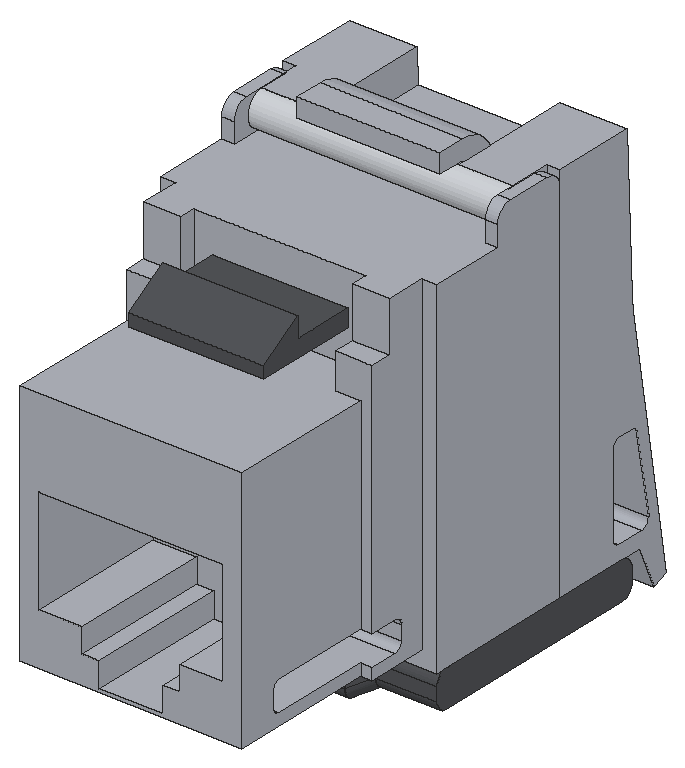
Revit family "RJ45 UTP_ESP", category Equipement spécialisé, Revit 2020
Family settings
  Cote de connecteur circulaire = Utiliser le diamètre
  Type d'élément = Normal
  Basée sur le plan de construction = Non
  Toujours verticalement = Oui
  Couper avec des vides une fois chargée = Non
  Partagée = Oui
  Point de calcul de pièce = Non
Parameters (values of type "Connecteur RJ45 Catégorie 6A UTP (lot de 24)")
  Vide = 2 mm
  Type de connecteur = "RJ45"
  Température de stockage = "-10_à_70"
  Température de fonctionnement = "-10_à_60"
  Section AWG = "23-26"
  Référence Legrand = "632906"
  Profondeur = 34 mm
  Lien e-catalogue = "https://www.legrand.fr/reference/632906/pro"
  Libellé BIM = "Connecteur RJ45 Catégorie 6A UTP (lot de 24)"
  Largeur (mm) = 18 mm
  IP = "IP20"
  IK = "IK04"
  Hauteur = 31 mm
  Fonction = "Prises murales RJ45"
  Elévation par défaut = 0 mm
  EAN = "3414972227230"
  Diamètre max du câble en entrée = "9MM"
  Couleur = IDS_ARGENT
  Classe ETIM = "EC001121"
  Catégorie = "6A"
  Blindé = no
Types (3, lengths in mm): name | Vide | Référence Legrand | Lien e-catalogue | Libellé BIM | EAN | Couleur | Catégorie
  Connecteur RJ45 Catégorie 6A UTP (lot de 24) | 2 | "632906" | "https://www.legrand.fr/reference/632906/pro" | "Connecteur RJ45 Catégorie 6A UTP (lot de 24)" | "3414972227230" | IDS_ARGENT | "6A"
  Connecteur RJ45 Catégorie 6 UTP (lot de 24) | 0 | "632909" | "https://www.legrand.fr/reference/632909/pro" | "Connecteur RJ45 Catégorie 6 UTP (lot de 24)" | "3414972227292" | IDS_GRIS | "6"
  Connecteur RJ45 Catégorie 5e UTP (lot de 24) | 0 | "632911" | "https://www.legrand.fr/reference/632911/pro" | "Connecteur RJ45 Catégorie 5e UTP (lot de 24)" | "3414972227339" | IDS_GRIS | "5e"
Reference planes
  plane 1 "Centre (avant/arrière)": y = 106
  plane 2: z = 0
  plane 3: x = 0
  plane 4: z = 16.075
  plane 5: x = 14.47
  plane 6: y = 115.65
  plane 7: x = 1.24
  plane 8: x = 13.23
  plane 9: z = 10.32
  plane 10: z = 3.44
  plane 11: z = 0.2
  plane 12: x = 5.16
  plane 13: x = 9.31
  plane 14: z = 1.86
  plane 15: x = 4.06
  plane 16: x = 10.41
  plane 17: y = 119.65
  plane 18: z = 21.675
  plane 19: z = -1
  plane 20: y = 117.05
  plane 21: z = 18.375
  plane 22: x = -0.765
  plane 23: x = 15.235
  plane 24: x = 7.235
  plane 25: z = 24
  plane 26: y = 129.65
  plane 27: y = 124.65
  plane 28: x = -1.765
  plane 29: x = 16.235
  plane 30: x = -0.94
  plane 31: x = 15.41
  plane 32: x = 7.235
  plane 33: z = 25.375
  plane 34: z = 24.125
  plane 35: y = 125.35
  plane 36: y = 126.85
  plane 37: z = 22.9
  plane 38: y = 131.35
  plane 39: y = 127.35
  plane 40: z = -4.8
  plane 41: y = 128.15
  plane 42: z = 22.875
  plane 43: y = 126.85
  plane 44: y = 135.45
  plane 45: z = 14
  plane 46: y = 138.3
  plane 47: z = -3.3
  plane 48: y = 137.3
  plane 49: z = -3.7
  plane 50: y = 123.65
  plane 51: z = 10.5
  plane 52: z = -3.44
  plane 53: y = 135.55
  plane 54: z = -3.44
  plane 55: y = 135.55
  plane 56: z = -4.8
  plane 57: y = 108.5
  plane 58: z = 18.2
  plane 59: z = 19.4
  plane 60: y = 114.05
  plane 61: y = 111.35
  plane 62: z = 20.7
  plane 63: y = 113.65
  plane 64: z = 19
  plane 65: y = 114.2
  plane 66: z = -1.5
  plane 67: y = 111.3
  plane 68: x = 1.635
  plane 69: x = 12.835
  plane 70: y = 134
  plane 71: z = 6.3
  plane 72: y = 135.85
  plane 73: y = 137
  plane 74: y = 134
  plane 75: z = 6.3
  plane 76: y = 135.85
  plane 77: y = 137
  plane 78: z = 21.4
  plane 79: z = 19.4
  plane 80: z = 23.4
Forms (mm)
  Extrusion 1, solid, material "IDS_ARGENT" <- "Couleur"
    sketch origin (0, 106, 0) x (1, 0, 0) y (0, 0, 1)
      loop
        line (0, 0) -> (14.47, 0) -> (14.47, 16.075) -> (0, 16.075) -> (0, 0)
    from 0 to -9.65
  Extrusion 2, void
    sketch origin (0, 106, 0) x (-1, 0, 0) y (0, 0, 1)
      loop
        line (-1.24, 3.44) -> (-1.24, 10.32) -> (-13.23, 10.32) -> (-13.23, 3.44) -> (-10.41, 3.44) -> (-10.41, 1.86) -> (-9.31, 1.86) -> (-9.31, 0.2) -> (-5.16, 0.2) -> (-5.16, 1.86) -> (-4.06, 1.86) -> (-4.06, 3.44) -> (-1.24, 3.44)
    from 0 to 9.3
  Extrusion 3, solid, material "IDS_ARGENT" <- "Couleur"
    sketch origin (-0.765, -1524, -4.284) x (0, 0, -1) y (0, -1, 0)
      loop
        line (-4.284, -1639.65) -> (-22.659, -1639.65) -> (-22.659, -1641.05) -> (-25.959, -1641.05) -> (-25.959, -1643.65) -> (-4.284, -1643.65) -> (-4.284, -1639.65)
    from 0 to -16
  Extrusion 4, void
    sketch origin (-27.014, 115.65, 1200) x (1, 0, 0) y (0, 0, 1)
      loop
        line (28.649, -1178.325) -> (28.649, -1183.925) -> (39.849, -1183.925) -> (39.849, -1178.325) -> (28.649, -1178.325)
    from 0 to -2.5
  Extrusion 5, solid, material "IDS_ARGENT" <- "Couleur"
    sketch origin (-1.765, -1524, -2.503) x (0, 0, -1) y (0, -1, 0)
      loop
        line (-1.503, -1653.65) -> (-1.503, -1643.65) -> (-24.178, -1643.65) -> (-24.178, -1648.65) -> (-25.503, -1648.65)
        arc (-25.503, -1648.65) -> (-26.21, -1648.943) -> (-26.503, -1649.65) r 1
        line (-26.503, -1649.65) -> (-26.503, -1652.65)
        arc (-26.503, -1652.65) -> (-26.21, -1653.357) -> (-25.503, -1653.65) r 1
        line (-25.503, -1653.65) -> (-1.503, -1653.65)
    from 0 to -18
  Extrusion 6, void
    sketch origin (0, 124.65, 27.667) x (0, 0, -1) y (-1, 0, 0)
      loop
        line (5.992, 0.94) -> (3.667, 0.94) -> (3.667, -15.41) -> (5.992, -15.41) -> (5.992, 0.94)
    from 0 to 5
  Extrusion 7, solid, material "IDS_ARGENT" <- "Couleur"
    sketch origin (7.235, -1524, 28.784) x (0, 0, 1) y (0, -1, 0)
      loop
        line (-7.109, -1650.85) -> (-7.109, -1653.65) -> (-5.809, -1653.65)
        arc (-5.809, -1653.65) -> (-4.112, -1652.947) -> (-3.409, -1651.25) r 2.4
        line (-3.409, -1651.25) -> (-3.409, -1649.35) -> (-4.659, -1649.35) -> (-4.659, -1650.85)
        arc (-4.659, -1650.85) -> (-5.884, -1652.075) -> (-7.109, -1650.85) r 1.225
    from -4.65 to 4.65
  Extrusion 8, solid, material "IDS_ARGENT" <- "Couleur"
    sketch origin (7.235, -1524, 28.784) x (0, 0, 1) y (0, -1, 0)
      loop
        line (-28.784, -1655.35) -> (-28.784, -1651.35) -> (-32.824, -1651.405)
        arc (-32.824, -1651.405) -> (-33.277, -1651.703) -> (-33.584, -1652.15) r 1.4
        line (-33.584, -1652.15) -> (-33.584, -1654.85)
        arc (-33.584, -1654.85) -> (-33.437, -1655.204) -> (-33.084, -1655.35) r 0.5
        line (-33.084, -1655.35) -> (-28.784, -1655.35)
    from -5 to 5
  Extrusion 9, solid
    sketch origin (7.235, -1524, 28.784) x (0, 0, 1) y (0, -1, 0)
      loop
        circle (-5.909, -1650.85) r 1.15
    from -8.175 to 8.175
  Extrusion 10, solid, material "IDS_ARGENT" <- "Couleur"
    sketch origin (7.235, -1524, 28.784) x (0, 0, 1) y (0, -1, 0)
      loop
        line (-29.784, -1653.65) -> (-29.784, -1660.22) -> (-32.484, -1661.3) -> (-32.084, -1662.3) -> (-15.732, -1659.665)
        arc (-15.732, -1659.665) -> (-15.261, -1659.579) -> (-14.784, -1659.541) r 4.871
        line (-14.784, -1659.541) -> (-4.759, -1659.1) -> (-4.759, -1650.85)
        arc (-4.759, -1650.85) -> (-5.909, -1649.7) -> (-7.059, -1650.85) r 1.15
        line (-7.059, -1650.85) -> (-7.059, -1653.65) -> (-29.784, -1653.65)
    from -9 to 9
  Extrusion 11, void
    sketch origin (-1.765, -1524, -2.503) x (0, 0, 1) y (0, -1, 0)
      loop
        line (24.228, -1653.65) -> (26.528, -1653.65) -> (26.528, -1650.85)
        arc (26.528, -1650.85) -> (25.378, -1649.7) -> (24.228, -1650.85) r 1.15
        line (24.228, -1650.85) -> (24.228, -1653.65)
    from 0.825 to 0
  Extrusion 12, void
    sketch origin (16.235, -1524, 29.162) x (0, 0, -1) y (0, -1, 0)
      loop
        line (5.137, -1650.85) -> (5.137, -1653.65) -> (7.437, -1653.65) -> (7.437, -1650.85)
        arc (7.437, -1650.85) -> (6.287, -1649.7) -> (5.137, -1650.85) r 1.15
    from 0 to 0.825
  Extrusion 13, void
    sketch origin (7.235, -1524, 28.784) x (0, 0, -1) y (0, -1, 0)
      loop
        line (4.759, -1650.85) -> (4.759, -1659.1) -> (7.059, -1659.201) -> (7.059, -1650.85)
        arc (7.059, -1650.85) -> (5.909, -1652) -> (4.759, -1650.85) r 1.15
    from -4.65 to 4.65
  Extrusion 14, void
    sketch origin (0, 123.65, 24.886) x (0, 0, -1) y (-1, 0, 0)
      loop
        circle (14.386, -7.235) r 4.9
    from 0 to 26.097
  Extrusion 15, solid, material "IDS_ARGENT" <- "Couleur"
    sketch origin (7.235, -1524, 28.784) x (0, 0, 1) y (0, -1, 0)
      loop
        line (-29.784, -1655.35) -> (-33.384, -1655.35) -> (-34.205, -1660.007)
        arc (-34.205, -1660.007) -> (-33.951, -1660.533) -> (-33.371, -1660.46) r 0.5
        line (-33.371, -1660.46) -> (-29.784, -1657.114) -> (-29.784, -1655.35)
    from -5 to 5
  Extrusion 16, solid, material "IDS_NOIR"
    sketch origin (2.235, -1524, 28.784) x (0, 0, -1) y (0, -1, 0)
      loop
        line (32.224, -1658.75) -> (32.224, -1644.45)
        arc (32.224, -1644.45) -> (31.989, -1643.884) -> (31.424, -1643.65) r 0.8
        line (31.424, -1643.65) -> (30.584, -1643.65)
        arc (30.584, -1643.65) -> (30.018, -1643.884) -> (29.784, -1644.45) r 0.8
        line (29.784, -1644.45) -> (29.784, -1658.75)
        arc (29.784, -1658.75) -> (30.018, -1659.316) -> (30.584, -1659.55) r 0.8
        line (30.584, -1659.55) -> (31.424, -1659.55)
        arc (31.424, -1659.55) -> (31.989, -1659.316) -> (32.224, -1658.75) r 0.8
    from 0 to 4
  Extrusion 17, solid, material "IDS_NOIR"
    sketch origin (12.235, -1524, 28.784) x (0, 0, -1) y (0, 1, 0)
      loop
        arc (32.224, 1658.75) -> (31.989, 1659.316) -> (31.424, 1659.55) r 0.8
        line (31.424, 1659.55) -> (30.584, 1659.55)
        arc (30.584, 1659.55) -> (30.018, 1659.316) -> (29.784, 1658.75) r 0.8
        line (29.784, 1658.75) -> (29.784, 1644.45)
        arc (29.784, 1644.45) -> (30.018, 1643.884) -> (30.584, 1643.65) r 0.8
        line (30.584, 1643.65) -> (31.424, 1643.65)
        arc (31.424, 1643.65) -> (31.989, 1643.884) -> (32.224, 1644.45) r 0.8
        line (32.224, 1644.45) -> (32.224, 1658.75)
    from 0 to 4
  Extrusion 18, solid, material "IDS_NOIR"
    sketch origin (7.235, -1524, 28.784) x (0, 0, 1) y (0, -1, 0)
      loop
        line (-29.784, -1658.75) -> (-29.784, -1657.95)
        arc (-29.784, -1657.95) -> (-30.018, -1657.384) -> (-30.584, -1657.15) r 0.8
        line (-30.584, -1657.15) -> (-31.424, -1657.15)
        arc (-31.424, -1657.15) -> (-31.989, -1657.384) -> (-32.224, -1657.95) r 0.8
        line (-32.224, -1657.95) -> (-32.224, -1658.75)
        arc (-32.224, -1658.75) -> (-31.989, -1659.316) -> (-31.424, -1659.55) r 0.8
        line (-31.424, -1659.55) -> (-30.584, -1659.55)
        arc (-30.584, -1659.55) -> (-30.018, -1659.316) -> (-29.784, -1658.75) r 0.8
    from -5 to 5
  Extrusion 19, solid, material "IDS_NOIR"
    sketch origin (7.235, -1524, 28.784) x (0, 0, 1) y (0, -1, 0)
      loop
        arc (-31.034, -1644.45) -> (-31.268, -1643.884) -> (-31.834, -1643.65) r 0.8
        line (-31.834, -1643.65) -> (-32.784, -1643.65)
        arc (-32.784, -1643.65) -> (-33.349, -1643.884) -> (-33.584, -1644.45) r 0.8
        line (-33.584, -1644.45) -> (-33.584, -1650.55)
        arc (-33.584, -1650.55) -> (-33.349, -1651.116) -> (-32.784, -1651.35) r 0.8
        line (-32.784, -1651.35) -> (-31.834, -1651.35)
        arc (-31.834, -1651.35) -> (-31.268, -1651.116) -> (-31.034, -1650.55) r 0.8
        line (-31.034, -1650.55) -> (-31.034, -1644.45)
    from -3 to 3
  SweptBlend 20, solid, material "IDS_NOIR"
    path origin (7.235, 119.65, -4) x (0, 0, 1) y (-1, 0, 0)
      loop
        line (0.95, 3) -> (0.95, 5)
    profile origin (4.235, 119.65, -3.05) x (0, 0, -1) y (0, -1, 0)
      loop
        line (-0.8, -0.8) -> (-0.8, -6.9)
        arc (-0.8, -6.9) -> (-0.566, -7.466) -> (0, -7.7) r 0.8
        line (0, -7.7) -> (0.95, -7.7)
        arc (0.95, -7.7) -> (1.516, -7.466) -> (1.75, -6.9) r 0.8
        line (1.75, -6.9) -> (1.75, -0.8)
        arc (1.75, -0.8) -> (1.516, -0.234) -> (0.95, 0) r 0.8
        line (0.95, 0) -> (0, 0)
        arc (0, 0) -> (-0.566, -0.234) -> (-0.8, -0.8) r 0.8
    end profile origin (2.235, 119.65, -3.05) x (0, 0, -1) y (0, -1, 0)
      loop
        line (-0.41, 0) -> (-1.25, 0)
        arc (-1.25, 0) -> (-1.816, -0.234) -> (-2.05, -0.8) r 0.8
        line (-2.05, -0.8) -> (-2.05, -6.9)
        arc (-2.05, -6.9) -> (-1.816, -7.466) -> (-1.25, -7.7) r 0.8
        line (-1.25, -7.7) -> (-0.41, -7.7)
        arc (-0.41, -7.7) -> (0.156, -7.466) -> (0.39, -6.9) r 0.8
        line (0.39, -6.9) -> (0.39, -0.8)
        arc (0.39, -0.8) -> (0.156, -0.234) -> (-0.41, 0) r 0.8
  SweptBlend 21, solid, material "IDS_NOIR"
    path origin (7.235, 119.65, -4) x (0, 0, 1) y (-1, 0, 0)
      loop
        line (0.886, -3) -> (0.886, -5)
    profile origin (10.235, 119.65, -3.114) x (0, 0, 1) y (0, -1, 0)
      loop
        line (-1.686, -0.8) -> (-1.686, -6.9)
        arc (-1.686, -6.9) -> (-1.452, -7.466) -> (-0.886, -7.7) r 0.8
        line (-0.886, -7.7) -> (0.064, -7.7)
        arc (0.064, -7.7) -> (0.629, -7.466) -> (0.864, -6.9) r 0.8
        line (0.864, -6.9) -> (0.864, -0.8)
        arc (0.864, -0.8) -> (0.629, -0.234) -> (0.064, 0) r 0.8
        line (0.064, 0) -> (-0.886, 0)
        arc (-0.886, 0) -> (-1.452, -0.234) -> (-1.686, -0.8) r 0.8
    end profile origin (12.235, 119.65, -3.114) x (0, 0, 1) y (0, -1, 0)
      loop
        arc (0.474, 0) -> (-0.092, -0.234) -> (-0.326, -0.8) r 0.8
        line (-0.326, -0.8) -> (-0.326, -6.9)
        arc (-0.326, -6.9) -> (-0.092, -7.466) -> (0.474, -7.7) r 0.8
        line (0.474, -7.7) -> (1.314, -7.7)
        arc (1.314, -7.7) -> (1.879, -7.466) -> (2.114, -6.9) r 0.8
        line (2.114, -6.9) -> (2.114, -0.8)
        arc (2.114, -0.8) -> (1.879, -0.234) -> (1.314, 0) r 0.8
        line (1.314, 0) -> (0.474, 0)
  Extrusion 22, void
    sketch origin (14.47, 106, 0) x (0, 0, -1) y (0, -1, 0)
      loop
        arc (-0.75, -3.03) -> (-0.896, -2.676) -> (-1.25, -2.53) r 0.5
        line (-1.25, -2.53) -> (-2.225, -2.53)
        arc (-2.225, -2.53) -> (-2.579, -2.676) -> (-2.725, -3.03) r 0.5
        line (-2.725, -3.03) -> (-2.725, -11.53)
        arc (-2.725, -11.53) -> (-2.579, -11.884) -> (-2.225, -12.03) r 0.5
        line (-2.225, -12.03) -> (-1.25, -12.03)
        arc (-1.25, -12.03) -> (-0.896, -11.884) -> (-0.75, -11.53) r 0.5
        line (-0.75, -11.53) -> (-0.75, -3.03)
    from -0.765 to 2.76
  Extrusion 23, void
    sketch origin (0, 106, 0) x (0, 0, -1) y (0, 1, 0)
      loop
        line (-0.75, 3) -> (-0.75, 11.5)
        arc (-0.75, 11.5) -> (-0.896, 11.854) -> (-1.25, 12) r 0.5
        line (-1.25, 12) -> (-2.225, 12)
        arc (-2.225, 12) -> (-2.579, 11.854) -> (-2.725, 11.5) r 0.5
        line (-2.725, 11.5) -> (-2.725, 3)
        arc (-2.725, 3) -> (-2.579, 2.646) -> (-2.225, 2.5) r 0.5
        line (-2.225, 2.5) -> (-1.25, 2.5)
        arc (-1.25, 2.5) -> (-0.896, 2.646) -> (-0.75, 3) r 0.5
    from -0.765 to 2.76
  Extrusion 24, solid, material "IDS_NOIR"
    sketch origin (7.235, -1524, 28.784) x (0, 0, 1) y (0, -1, 0)
      loop
        line (-10.584, -1642.15) -> (-9.384, -1642.15) -> (-9.384, -1638.05) -> (-8.084, -1638.05) -> (-9.784, -1635.35) -> (-10.584, -1635.35) -> (-10.584, -1642.15)
    from -4.4 to 4.4
  Extrusion 25, solid, material "IDS_ARGENT" <- "Couleur"
    sketch origin (7.235, -1524, 28.784) x (0, 0, 1) y (0, -1, 0)
      loop
        line (-28.784, -1638.2) -> (-28.784, -1635.3) -> (-30.284, -1638.2) -> (-28.784, -1638.2)
    from -5.25 to 5.25
  Extrusion 26, void
    sketch origin (-1.765, -1524, 28.784) x (0, 0, 1) y (0, -1, 0)
      loop
        line (-28.194, -1660.892) -> (-22.484, -1659.85) -> (-22.484, -1658.5)
        arc (-22.484, -1658.5) -> (-22.63, -1658.146) -> (-22.984, -1658) r 0.5
        line (-22.984, -1658) -> (-28.284, -1658)
        arc (-28.284, -1658) -> (-28.637, -1658.146) -> (-28.784, -1658.5) r 0.5
        line (-28.784, -1658.5) -> (-28.784, -1660.4)
        arc (-28.784, -1660.4) -> (-28.604, -1660.784) -> (-28.194, -1660.892) r 0.5
    from 0 to 6
  Extrusion 27, void
    sketch origin (16.235, -1524, 28.784) x (0, 0, 1) y (0, 1, 0)
      loop
        arc (-28.194, 1660.892) -> (-28.604, 1660.784) -> (-28.784, 1660.4) r 0.5
        line (-28.784, 1660.4) -> (-28.784, 1658.5)
        arc (-28.784, 1658.5) -> (-28.637, 1658.146) -> (-28.284, 1658) r 0.5
        line (-28.284, 1658) -> (-22.984, 1658)
        arc (-22.984, 1658) -> (-22.63, 1658.146) -> (-22.484, 1658.5) r 0.5
        line (-22.484, 1658.5) -> (-22.484, 1659.85) -> (-28.194, 1660.892)
    from 0 to 6
  Extrusion 28, void
    sketch origin (7.235, -1524, 28.784) x (0, 0, -1) y (0, -1, 0)
      loop
        line (7.384, -1638.05) -> (7.384, -1635.35) -> (5.384, -1635.35) -> (5.384, -1638.05) -> (7.384, -1638.05)
    from -1.65 to 1.65
Cuts and joins
  Extrusion 2, Extrusion 4, Extrusion 14, Extrusion 22, Extrusion 23 cuts Extrusion 1
  Extrusion 4, Extrusion 14, Extrusion 22, Extrusion 23 cuts Extrusion 3
  Extrusion 6, Extrusion 22, Extrusion 23 cuts Extrusion 5
  joined: Extrusion 1, Extrusion 3, Extrusion 5, Extrusion 25
  Extrusion 11, Extrusion 13 cuts Extrusion 9
  Extrusion 11, Extrusion 12, Extrusion 13, Extrusion 14, Extrusion 26, Extrusion 27 cuts Extrusion 10
  joined: Extrusion 16, Extrusion 17, Extrusion 18, Extrusion 19
  joined: SweptBlend 20, SweptBlend 21
  Extrusion 28 cuts Extrusion 24
Dimensions and locks
  locked: plane 4 to level at 16.075
  locked: plane 5 to plane 3 at 14.47
  locked: plane 1 "Centre (avant/arrière)" to plane 6 at 9.65
  plane 7 to plane 3 = 1.24 mm
  plane 5 to plane 8 = 1.24 mm
  plane 11 to level = 0.2 mm
  plane 15 to plane 7 = 2.82 mm
  plane 8 to plane 16 = 2.82 mm
  plane 12 to plane 15 = 1.1 mm
  plane 16 to plane 13 = 1.1 mm
  plane 14 to plane 11 = 1.66 mm
  plane 10 to plane 14 = 1.58 mm
  plane 9 to plane 10 = 6.88 mm
  plane 17 to plane 6 = 4 mm
  locked: plane 18 to plane 4 at 5.6
  plane 21 to plane 4 = 2.3 mm
  plane 20 to plane 6 = 1.4 mm
  locked: plane 22 to plane 3 at 0.765
  locked: plane 5 to plane 23 at 0.765
  equal spacing: plane 22, plane 24, plane 23
  locked: level to plane 19 at 1
  plane 26 to plane 17 = 10 mm
  plane 26 to plane 27 = 5 mm
  locked: plane 28 to plane 22 at 1
  locked: plane 29 to plane 23 at 1
  plane 28 to plane 30 = 0.825 mm
  plane 29 to plane 31 = 0.825 mm
  plane 25 to plane 18 = 2.325 mm
  equal spacing: plane 28, plane 32, plane 29, locked at 9 each
  plane 33 to plane 18 = 3.7 mm
  plane 33 to plane 34 = 1.25 mm
  plane 26 to plane 35 = 4.3 mm
  plane 36 to plane 35 = 1.5 mm
  equal spacing: plane 34, plane 37, cut or joined group 1 (Extrusion 1, Extrusion 2, Extrusion 3, Extrusion 4, Extrusion 5, Extrusion 6, Extrusion 14, Extrusion 22, Extrusion 23, Extrusion 25)
  locked: plane 38 to cut or joined group 1 at 1.7
  plane 38 to plane 39 = 4 mm
  plane 38 to plane 41 = 3.2 mm
  plane 42 to plane 18 = 1.2 mm
  Extrusion 10 sketch curve to cut or joined group 1 = 5.45 mm
  plane 19 to plane 45 = 15 mm
  plane 44 to cut or joined group 1 = 5.8 mm
  cut or joined group 1 to plane 46 = 8.65 mm
  plane 19 to plane 47 = 2.3 mm
  plane 19 to plane 49 = 2.7 mm
  plane 26 to plane 50 = 6 mm
  plane 51 to plane 25 = 13.5 mm
  plane 19 to Extrusion 15 sketch curve = 3.6 mm
  plane 19 to plane 40 = 3.8 mm
  plane 52 to cut or joined group of Extrusion 10, Extrusion 11, Extrusion 12, Extrusion 13, Extrusion 14, Extrusion 26, Extrusion 27 = 2.44 mm
  plane 53 to plane 17 = 15.9 mm
  plane 19 to Extrusion 19 sketch curve = 1.25 mm
  cut or joined group 1 to Extrusion 22 sketch curve = 0.75 mm
  Extrusion 22 sketch curve to Extrusion 22 sketch curve = 1.975 mm
  Extrusion 22 sketch curve to cut or joined group 1 = 2.53 mm
  Extrusion 22 sketch curve to Extrusion 22 sketch curve = 9.5 mm
  Extrusion 23 sketch curve to Extrusion 23 sketch curve = 1.975 mm
  Extrusion 23 sketch curve to Extrusion 23 sketch curve = 9.5 mm
  plane 57 to plane 1 "Centre (avant/arrière)" = 2.5 mm
  plane 26 to plane 43 = 2.8 mm
  plane 58 to level = 18.2 mm
  plane 59 to plane 58 = 1.2 mm
  cut or joined group 1 to plane 61 = 5.7 mm
  cut or joined group 1 to plane 60 = 3 mm
  plane 62 to plane 59 = 1.3 mm
  plane 64 to plane 58 = 0.8 mm
  plane 65 to plane 1 "Centre (avant/arrière)" = 8.2 mm
  plane 68 to plane 24 = 5.6 mm
  plane 69 to plane 24 = 5.6 mm
  plane 70 to plane 1 "Centre (avant/arrière)" = 28 mm
  plane 71 to level = 6.3 mm
  plane 72 to plane 70 = 1.85 mm
  plane 73 to plane 70 = 3 mm
  plane 74 to plane 76 = 1.85 mm
  plane 74 to plane 77 = 3 mm
  "Vide": plane 78 to plane 79
  locked: plane 80 to plane 78 at 2
  radius of Extrusion 9 sketch curve = 1.15 mm
  angle Extrusion 15 sketch curve to Extrusion 15 sketch curve = 100.00°
  angle Extrusion 15 sketch curve to Extrusion 15 sketch curve = 37.00°
  aligned and locked: level to plane 2
  aligned and locked: plane 2 to Extrusion 1 sketch curve
  aligned and locked: plane 3 to Extrusion 1 sketch curve
  aligned and locked: Extrusion 1 sketch curve to plane 4
  aligned and locked: plane 5 to Extrusion 1 sketch curve
  aligned and locked: plane 6 to Extrusion 1
  aligned and locked: Extrusion 2 sketch curve to plane 7
  aligned and locked: plane 9 to Extrusion 2 sketch curve
  aligned and locked: plane 8 to Extrusion 2 sketch curve
  aligned and locked: Extrusion 2 sketch curve to plane 10  (x2)
  aligned and locked: plane 16 to Extrusion 2 sketch curve
  aligned and locked: Extrusion 2 sketch curve to plane 14  (x2)
  aligned and locked: plane 13 to Extrusion 2 sketch curve
  aligned and locked: Extrusion 2 sketch curve to plane 11
  aligned and locked: plane 12 to Extrusion 2 sketch curve
  aligned and locked: Extrusion 2 sketch curve to plane 15
  aligned and locked: Extrusion 3 sketch curve to plane 17
  aligned and locked: plane 18 to Extrusion 3 sketch curve
  aligned and locked: Extrusion 3 sketch curve to plane 20
  aligned and locked: plane 21 to Extrusion 3 sketch curve
  aligned and locked: Extrusion 3 sketch curve to plane 6
  aligned and locked: plane 23 to Extrusion 3
  aligned and locked: Extrusion 5 sketch curve to plane 26
  aligned and locked: plane 25 to Extrusion 5 sketch curve
  aligned and locked: plane 27 to Extrusion 5 sketch curve
  aligned and locked: Extrusion 5 sketch curve to plane 18
  aligned and locked: Extrusion 5 sketch curve to Extrusion 3
  aligned and locked: Extrusion 5 sketch curve to plane 19
  aligned and locked: plane 29 to Extrusion 5
  aligned and locked: plane 18 to Extrusion 6 sketch curve
  aligned and locked: plane 30 to Extrusion 6 sketch curve
  aligned and locked: Extrusion 6 sketch curve to plane 25
  aligned and locked: Extrusion 6 sketch curve to plane 31
  aligned and locked: Extrusion 6 to plane 26
  aligned and locked: Extrusion 7 sketch curve to cut or joined group 1
  aligned and locked: cut or joined group 1 to Extrusion 7 sketch curve
  aligned and locked: plane 33 to Extrusion 7 sketch curve
  aligned and locked: Extrusion 7 sketch curve to plane 35
  aligned and locked: plane 34 to Extrusion 7 sketch curve
  aligned and locked: plane 38 to Extrusion 8 sketch curve
  aligned and locked: plane 41 to Extrusion 8 sketch curve
  aligned and locked: plane 40 to Extrusion 8 sketch curve
  aligned and locked: Extrusion 8 sketch curve to level
  aligned and locked: Extrusion 9 to cut or joined group 1
  aligned and locked: cut or joined group 1 to Extrusion 9
  aligned and locked: Extrusion 10 sketch curve to plane 26
  aligned and locked: Extrusion 10 sketch curve to Extrusion 9
  aligned and locked: plane 47 to Extrusion 10 sketch curve
  aligned and locked: cut or joined group 1 to Extrusion 10 sketch curve
  aligned and locked: plane 48 to Extrusion 10 sketch curve
  aligned and locked: plane 29 to Extrusion 10
  aligned and locked: plane 28 to Extrusion 10
  aligned and locked: Extrusion 11 sketch curve to Extrusion 10  (x2)
  aligned and locked: Extrusion 11 sketch curve to Extrusion 7
  aligned and locked: Extrusion 11 to cut or joined group 1
  aligned and locked: Extrusion 12 to cut or joined group 1
  aligned and locked: Extrusion 13 sketch curve to cut or joined group of Extrusion 9, Extrusion 11, Extrusion 13
  aligned and locked: Extrusion 13 to Extrusion 7
  aligned and locked: Extrusion 7 to Extrusion 13
  aligned and locked: plane 38 to Extrusion 15 sketch curve
  aligned and locked: plane 19 to Extrusion 15 sketch curve
  aligned and locked: plane 52 to Extrusion 16 sketch curve
  aligned and locked: Extrusion 16 sketch curve to plane 53
  aligned and locked: cut or joined group 1 to Extrusion 16 sketch curve
  aligned and locked: Extrusion 16 sketch curve to cut or joined group 1
  aligned and locked: Extrusion 8 to Extrusion 15
  aligned and locked: Extrusion 15 to Extrusion 8
  aligned and locked: plane 28 to Extrusion 16
  aligned and locked: plane 54 to Extrusion 17 sketch curve
  aligned and locked: plane 55 to Extrusion 17 sketch curve
  aligned and locked: plane 29 to Extrusion 17
  aligned and locked: Extrusion 17 to Extrusion 8
  aligned and locked: Extrusion 18 sketch curve to Extrusion 16
  aligned and locked: Extrusion 16 to Extrusion 18 sketch curve
  aligned and locked: plane 19 to Extrusion 18 sketch curve
  aligned and locked: Extrusion 8 to Extrusion 18  (x2)
  aligned and locked: plane 56 to Extrusion 8
  aligned and locked: plane 56 to Extrusion 19 sketch curve
  aligned and locked: SweptBlend 20 sketch curve to Extrusion 19  (x4)
  aligned and locked: SweptBlend 20 sketch curve to Extrusion 16  (x2)
  aligned and locked: SweptBlend 21 sketch curve to Extrusion 19  (x4)
  aligned and locked: SweptBlend 21 sketch curve to Extrusion 17  (x2)
  aligned and locked: Extrusion 3 to Extrusion 23
  aligned and locked: Extrusion 22 to Extrusion 3
  aligned and locked: plane 57 to Extrusion 23 sketch curve
  aligned and locked: cut or joined group 1 to Extrusion 24 sketch curve
  aligned and locked: plane 59 to Extrusion 24 sketch curve
  aligned and locked: plane 60 to Extrusion 24 sketch curve
  aligned and locked: plane 58 to Extrusion 24 sketch curve
  aligned and locked: plane 64 to Extrusion 24 sketch curve
  aligned and locked: Extrusion 24 sketch curve to plane 61
  aligned and locked: plane 65 to Extrusion 25 sketch curve
  aligned and locked: Extrusion 25 sketch curve to level
  aligned and locked: Extrusion 4 sketch curve to plane 68
  aligned and locked: plane 4 to Extrusion 4 sketch curve
  aligned and locked: Extrusion 4 sketch curve to plane 69
  aligned and locked: Extrusion 4 sketch curve to plane 18
  aligned and locked: Extrusion 26 sketch curve to plane 71
  aligned and locked: Extrusion 26 sketch curve to plane 70
  aligned and locked: level to Extrusion 26 sketch curve
  aligned and locked: Extrusion 13 sketch curve to cut or joined group of Extrusion 10, Extrusion 11, Extrusion 12, Extrusion 13, Extrusion 14, Extrusion 26, Extrusion 27
  aligned and locked: Extrusion 27 sketch curve to plane 75
  aligned and locked: plane 74 to Extrusion 27 sketch curve
  aligned and locked: cut or joined group of Extrusion 24, Extrusion 28 to Extrusion 28 sketch curve
  aligned and locked: plane 79 to cut or joined group of Extrusion 24, Extrusion 28
  aligned and locked: plane 80 to Extrusion 28 sketch curve
  aligned and locked: Extrusion 28 sketch curve to plane 78
Automatic sketch dimensions
  Extrusion 3 sketch curve to level = 0 mm
  Extrusion 5 sketch curve to plane 25 = 1 mm  (x2)
  Extrusion 7 sketch curve to plane 36 = 0 mm  (x2)
  plane 37 to Extrusion 7 sketch curve = 0.075 mm
  Extrusion 8 sketch curve to plane 39 = 0 mm
  Extrusion 8 sketch curve to Extrusion 8 sketch curve = 0.5 mm
  Extrusion 8 sketch curve to plane 39 = 0.055 mm
  plane 40 to Extrusion 8 sketch curve = 0.759 mm
  Extrusion 8 sketch curve to plane 41 = 0.553 mm
  Extrusion 9 sketch curve to plane 42 = 0 mm
  Extrusion 9 sketch curve to plane 43 = 0 mm
  Extrusion 12 sketch curve to plane 26 = 0 mm
  plane 25 to Extrusion 12 sketch curve = 0.025 mm
  Extrusion 12 sketch curve to plane 25 = 1.125 mm
  Extrusion 12 sketch curve to plane 27 = 2.2 mm
  plane 25 to Extrusion 13 sketch curve = 0.025 mm
  plane 18 to Extrusion 13 sketch curve = 0.05 mm
  Extrusion 13 sketch curve to Extrusion 13 sketch curve = 0 mm  (x2)
  Extrusion 14 sketch curve to plane 32 = 0 mm
  Extrusion 14 sketch curve to plane 51 = 0 mm
  Extrusion 15 sketch curve to plane 19 = 3.929 mm
  Extrusion 15 sketch curve to Extrusion 15 sketch curve = 0.492 mm
  Extrusion 15 sketch curve to Extrusion 15 sketch curve = 0.341 mm
  Extrusion 15 sketch curve to Extrusion 15 sketch curve = 0.087 mm
  Extrusion 16 sketch curve to Extrusion 16 sketch curve = 0.8 mm  (x2)
  Extrusion 16 sketch curve to Extrusion 16 sketch curve = 0.84 mm  (x2)
  Extrusion 17 sketch curve to plane 19 = 0 mm
  Extrusion 17 sketch curve to plane 17 = 0 mm
  Extrusion 17 sketch curve to plane 19 = 0.8 mm
  Extrusion 17 sketch curve to Extrusion 17 sketch curve = 0.8 mm
  plane 54 to Extrusion 17 sketch curve = 0.8 mm  (x2)
  Extrusion 18 sketch curve to Extrusion 18 sketch curve = 0.8 mm  (x3)
  Extrusion 18 sketch curve to plane 19 = 0.8 mm
  Extrusion 18 sketch curve to Extrusion 18 sketch curve = 0 mm
  Extrusion 19 sketch curve to plane 17 = 0 mm
  plane 56 to Extrusion 19 sketch curve = 0.8 mm  (x2)
  Extrusion 19 sketch curve to Extrusion 19 sketch curve = 0.95 mm  (x2)
  Extrusion 19 sketch curve to plane 27 = 1.9 mm
  SweptBlend 20 sketch curve to Extrusion 19 = 0 mm  (x2)
  SweptBlend 20 sketch curve to Extrusion 19 = 2 mm
  SweptBlend 20 sketch curve to SweptBlend 20 sketch curve = 0.8 mm
  profile plane to SweptBlend 20 sketch curve = 0.41 mm
  SweptBlend 20 sketch curve to SweptBlend 20 sketch curve = 6.1 mm
  Extrusion 19 to SweptBlend 21 sketch curve = 0 mm
  Extrusion 19 to SweptBlend 21 sketch curve = 0.064 mm
  SweptBlend 21 sketch curve to Extrusion 19 = 2 mm
  SweptBlend 21 sketch curve to profile plane = 0.474 mm
  SweptBlend 21 sketch curve to SweptBlend 21 sketch curve = 0.84 mm
  SweptBlend 21 sketch curve to SweptBlend 21 sketch curve = 6.1 mm
  Extrusion 22 sketch curve to Extrusion 22 sketch curve = 0.5 mm  (x4)
  Extrusion 23 sketch curve to plane 57 = 0.5 mm
  level to Extrusion 23 sketch curve = 2.725 mm
  Extrusion 23 sketch curve to Extrusion 23 sketch curve = 0.5 mm  (x3)
  Extrusion 24 sketch curve to plane 62 = 0 mm
  Extrusion 25 sketch curve to plane 66 = 0 mm
  Extrusion 25 sketch curve to plane 67 = 0 mm
  Extrusion 26 sketch curve to Extrusion 26 sketch curve = 0.5 mm  (x3)
  Extrusion 26 sketch curve to Extrusion 26 sketch curve = 0.09 mm
  Extrusion 26 sketch curve to Extrusion 26 sketch curve = 1.35 mm
  Extrusion 26 sketch curve to Extrusion 26 sketch curve = 1.9 mm
  Extrusion 27 sketch curve to level = 0 mm
  Extrusion 27 sketch curve to plane 76 = 0 mm
  level to Extrusion 27 sketch curve = 0.5 mm  (x2)
  Extrusion 27 sketch curve to plane 77 = 0.108 mm
  Extrusion 27 sketch curve to Extrusion 27 sketch curve = 0.09 mm
  Extrusion 27 sketch curve to plane 74 = 0.5 mm
  Extrusion 10 sketch curve to plane 49 = 0 mm
  Extrusion 10 sketch curve to plane 45 = 0 mm
  Extrusion 10 sketch curve to plane 46 = 0 mm
  Extrusion 10 sketch curve to plane 44 = 0.215 mm
  Extrusion 10 sketch curve to plane 45 = 0.948 mm
  plane 45 to Extrusion 10 sketch curve = 0.156 mm
  plane 46 to Extrusion 10 sketch curve = 2.109 mm
  Extrusion 28 sketch curve to plane 6 = 1.6 mm
  radius of Extrusion 14 sketch curve = 4.9 mm
